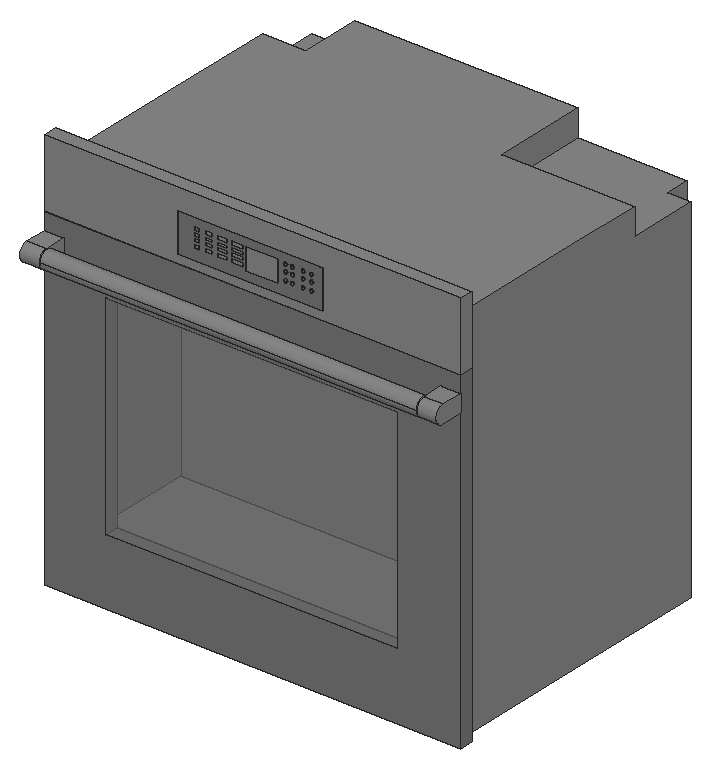
Revit family "DOB30M977S_Revit", category Specialty Equipment, Revit 2014
Parameters (values of type "DOB30M977S")
  Width = 29 3/4"
  WI FI = "YES"
  VOLTS (V) = "240 / 208"
  Unit = Stainless Steel
  TEMPERATURE PROBE = "YES"
  Support = Plastic-Black
  STEAM HEATER = "500W"
  STANDARD RACK = "1 (UPPER) / 1 (LOWER)"
  SABBATH MODE = "YES"
  RACK POSITIONS = "6"
  PROOF (LOWER TEMP) = "YES"
  PROOF = "YES"
  PIZZA STONE MODE = "YES"
  NET WEIGHT (LBS) = "139"
  Model = "DOB30M977S"
  Manufacturer = "Dacor"
  MESH FILTER = "4"
  LIMITED, PARTS AND LABOR = "1 YEAR"
  LIGHTING = "BRIGHTVUE™ - LED + HALOGEN"
  KITCHEN TIMER = "YES"
  KEEP WARM = "YES"
  INSTANTHEAT™ = "YES"
  Height = 51 1/2"
  Handle = Stainless Steel
  GOURMET COOK = "YES"
  GLIDERACK™ = "2 (UPPER) / 2 (LOWER)"
  FREQUENCY (HZ) = "60"
  ENERGY SOURCE = "ELECTRIC"
  Door Glass = Glass
  Door = Plastic-Black
  Description = "30-INCH SINGLE WALL OVEN MODERNIST COLLECTION"
  Depth = 23 1/8"
  DELAY START = "YES"
  DEHYDRATE = "YES"
  COOKING MODES = "BAKE - BROIL - CONVECTION BAKE - CONVECTION ROAST - CONVECTION BROIL - FOUR PART PURE CONVECTION - PURE CONVECTION SEAR - STEAM BAKE - STEAM ROAST"
  COOKIE SHEETS (SET OF 3) = "SKU - ACSM303"
  CONVECTION TYPE = "FOUR PART DUAL PURE CONVECTION WITH MESH FILTER"
  CONVECTION ELEMENT = "1,300W (EACH - 2,600W TOTAL)"
  CONTROLS = "7” TFT LCD"
  CLEANING TYPE = "SELF CLEAN & GREENCLEAN"
  CIRCUIT BREAKER (A) = "50"
  CHILD LOCK = "YES"
  BROIL = "4,400W - 10 PASS"
  BAKE ELEMENT = "3,000W - 8 PASS"
  AUTOMATIC WATER RESERVOIR = "1 (UPPER)"
  AUTO CONVERSION = "YES"
Reference planes (in)
  plane 1 "Center (Front/Back)": y = 0
  plane 2: z = 0
  plane 3 "Center (Left/Right)": x = 0
  plane 4: y = 11.5625
  plane 5: y = -11.5625
  plane 6: x = -14.25
  plane 7: x = 14.25
  plane 8: y = -13.4375
  plane 9: x = -14.875
  plane 10: x = 14.875
  plane 11: y = -12.8375
  plane 12: y = -13.7625
  plane 13: z = 28.8
  plane 14: z = 27.2
Forms (in)
  Extrusion 1, solid, material "Stainless Steel" <- "Unit"
    sketch origin (0, 0, 0) x (1, 0, 0) y (0, 0, 1)
      loop
        line (-14.25, 27.29849) -> (-14.25, 0) -> (14.25, 0) -> (14.25, 27.29849) -> (-14.25, 27.29849)
      loop
        line (-14.13947, 27.16604) -> (-14.13947, 2.29104) -> (14.11053, 2.29104) -> (14.11053, 27.16604) -> (-14.13947, 27.16604)
    from -11.5625 to 10.5625
  Extrusion 2, solid, material "Stainless Steel" <- "Unit"
    sketch origin (0, 11.5625, 0) x (-1, 0, 0) y (0, 0, 1)
      loop
        line (-14.11053, 27.16604) -> (-14.11053, 2.29104) -> (14.13947, 2.29104) -> (14.13947, 27.16604) -> (-14.11053, 27.16604)
    from 0 to -0.58184
  Extrusion 3, solid, material "Plastic-Black" <- "Door"
    sketch origin (0, 0, -25.25) x (1, 0, 0) y (0, 0, 1)
      loop
        line (-14.875, 25.2264) -> (14.875, 25.2264) -> (14.875, 49.125) -> (-14.875, 49.125) -> (-14.875, 25.2264)
      loop
        line (-10.4795, 45.18436) -> (-10.4795, 29.98364) -> (10.35378, 29.98364) -> (10.35378, 45.18436) -> (-10.4795, 45.18436)
    from 10.5625 to 11.5625
  Extrusion 4, solid, material "Stainless Steel" <- "Unit"
    sketch origin (-2.5, -11.5625, -25.25) x (1, 0, 0) y (0, 0, 1)
      loop
        line (-1.6594, 51.95412) -> (-1.6594, 51.74689) -> (-1.32598, 51.74689) -> (-1.32598, 51.95412) -> (-1.6594, 51.95412)
      loop
        line (-0.87096, 51.95412) -> (-0.87096, 51.74689) -> (-0.43933, 51.74689) -> (-0.43933, 51.95412) -> (-0.87096, 51.95412)
      loop
        line (-1.6594, 51.53021) -> (-1.6594, 51.37659) -> (-1.32598, 51.37659) -> (-1.32598, 51.53021) -> (-1.6594, 51.53021)
      loop
        line (-0.87096, 51.53021) -> (-0.87096, 51.37659) -> (-0.43933, 51.37659) -> (-0.43933, 51.53021) -> (-0.87096, 51.53021)
      loop
        line (-1.65392, 51.20026) -> (-1.65392, 51.04664) -> (-1.3205, 51.04664) -> (-1.3205, 51.20026) -> (-1.65392, 51.20026)
      loop
        line (-0.86548, 51.20026) -> (-0.86548, 51.04664) -> (-0.43384, 51.04664) -> (-0.43384, 51.20026) -> (-0.86548, 51.20026)
      loop
        line (0.03732, 51.20026) -> (0.03732, 51.04664) -> (0.64099, 51.04664) -> (0.64099, 51.20026) -> (0.03732, 51.20026)
      loop
        line (0.03183, 51.53021) -> (0.03183, 51.37659) -> (0.63551, 51.37659) -> (0.63551, 51.53021) -> (0.03183, 51.53021)
      loop
        line (0.63551, 51.74689) -> (0.63551, 51.95412) -> (0.03183, 51.95412) -> (0.03183, 51.74689) -> (0.63551, 51.74689)
      loop
        line (-1.65392, 50.82073) -> (-1.65392, 50.6135) -> (-1.3205, 50.6135) -> (-1.3205, 50.82073) -> (-1.65392, 50.82073)
      loop
        line (-0.86548, 50.82073) -> (-0.86548, 50.6135) -> (-0.43384, 50.6135) -> (-0.43384, 50.82073) -> (-0.86548, 50.82073)
      loop
        line (0.03732, 50.82073) -> (0.03732, 50.6135) -> (0.64099, 50.6135) -> (0.64099, 50.82073) -> (0.03732, 50.82073)
      loop
        line (1.02381, 50.82073) -> (1.02381, 50.6135) -> (1.78945, 50.6135) -> (1.78945, 50.82073) -> (1.02381, 50.82073)
      loop
        line (1.02381, 51.20026) -> (1.02381, 51.04664) -> (1.78945, 51.04664) -> (1.78945, 51.20026) -> (1.02381, 51.20026)
      loop
        line (1.01833, 51.53021) -> (1.01833, 51.37659) -> (1.78396, 51.37659) -> (1.78396, 51.53021) -> (1.01833, 51.53021)
      loop
        line (1.01833, 51.95412) -> (1.01833, 51.74689) -> (1.78396, 51.74689) -> (1.78396, 51.95412) -> (1.01833, 51.95412)
      loop
        line (2.00772, 51.95412) -> (2.00772, 50.41236) -> (4.27232, 50.41236) -> (4.27232, 51.95412) -> (2.00772, 51.95412)
      loop
        circle (4.87127, 51.8375) r 0.11662
      loop
        circle (5.35, 51.8375) r 0.11662
      loop
        circle (6.10706, 51.8375) r 0.11662
      loop
        circle (6.72875, 51.8375) r 0.11662
      loop
        circle (6.72875, 51.34503) r 0.11662
      loop
        circle (6.10706, 51.34503) r 0.11662
      loop
        circle (5.35, 51.34503) r 0.11662
      loop
        circle (4.87127, 51.34503) r 0.11662
      loop
        circle (4.87127, 50.7734) r 0.11662
      loop
        circle (5.35, 50.7734) r 0.11662
      loop
        circle (6.10706, 50.7734) r 0.11662
      loop
        circle (6.72875, 50.7734) r 0.11662
    from 0 to -0.4545
  Extrusion 5, solid, material "Plastic-Black" <- "Support"
    sketch origin (0, 0, -25.25) x (1, 0, 0) y (0, 0, 1)
      loop
        line (-5.34891, 52.54849) -> (-5.34891, 49.79849) -> (5.02857, 49.79849) -> (5.02857, 52.54849) -> (-5.34891, 52.54849)
      loop
        line (-3.82598, 51.95412) -> (-4.1594, 51.95412) -> (-4.1594, 51.74689) -> (-3.82598, 51.74689) -> (-3.82598, 51.95412)
      loop
        line (-3.82598, 51.53021) -> (-4.1594, 51.53021) -> (-4.1594, 51.37659) -> (-3.82598, 51.37659) -> (-3.82598, 51.53021)
      loop
        line (-3.8205, 51.20026) -> (-4.15392, 51.20026) -> (-4.15392, 51.04664) -> (-3.8205, 51.04664) -> (-3.8205, 51.20026)
      loop
        line (-3.8205, 50.82073) -> (-4.15392, 50.82073) -> (-4.15392, 50.6135) -> (-3.8205, 50.6135) -> (-3.8205, 50.82073)
      loop
        line (-2.93933, 51.95412) -> (-3.37096, 51.95412) -> (-3.37096, 51.74689) -> (-2.93933, 51.74689) -> (-2.93933, 51.95412)
      loop
        line (-2.93933, 51.53021) -> (-3.37096, 51.53021) -> (-3.37096, 51.37659) -> (-2.93933, 51.37659) -> (-2.93933, 51.53021)
      loop
        line (-2.93384, 51.20026) -> (-3.36548, 51.20026) -> (-3.36548, 51.04664) -> (-2.93384, 51.04664) -> (-2.93384, 51.20026)
      loop
        line (-2.93384, 50.82073) -> (-3.36548, 50.82073) -> (-3.36548, 50.6135) -> (-2.93384, 50.6135) -> (-2.93384, 50.82073)
      loop
        line (-1.86449, 51.95412) -> (-2.46817, 51.95412) -> (-2.46817, 51.74689) -> (-1.86449, 51.74689) -> (-1.86449, 51.95412)
      loop
        line (-1.86449, 51.53021) -> (-2.46817, 51.53021) -> (-2.46817, 51.37659) -> (-1.86449, 51.37659) -> (-1.86449, 51.53021)
      loop
        line (-1.85901, 51.20026) -> (-2.46268, 51.20026) -> (-2.46268, 51.04664) -> (-1.85901, 51.04664) -> (-1.85901, 51.20026)
      loop
        line (-1.85901, 50.82073) -> (-2.46268, 50.82073) -> (-2.46268, 50.6135) -> (-1.85901, 50.6135) -> (-1.85901, 50.82073)
      loop
        line (-0.71604, 51.95412) -> (-1.48167, 51.95412) -> (-1.48167, 51.74689) -> (-0.71604, 51.74689) -> (-0.71604, 51.95412)
      loop
        line (-0.71604, 51.53021) -> (-1.48167, 51.53021) -> (-1.48167, 51.37659) -> (-0.71604, 51.37659) -> (-0.71604, 51.53021)
      loop
        line (-0.71055, 51.20026) -> (-1.47619, 51.20026) -> (-1.47619, 51.04664) -> (-0.71055, 51.04664) -> (-0.71055, 51.20026)
      loop
        line (-0.71055, 50.82073) -> (-1.47619, 50.82073) -> (-1.47619, 50.6135) -> (-0.71055, 50.6135) -> (-0.71055, 50.82073)
      loop
        line (1.77232, 51.95412) -> (-0.49228, 51.95412) -> (-0.49228, 50.41236) -> (1.77232, 50.41236) -> (1.77232, 51.95412)
      loop
        circle (2.37127, 51.8375) r 0.11662
      loop
        circle (2.85, 51.8375) r 0.11662
      loop
        circle (3.60706, 51.8375) r 0.11662
      loop
        circle (4.22875, 51.8375) r 0.11662
      loop
        circle (4.22875, 51.34503) r 0.11662
      loop
        circle (4.22875, 50.7734) r 0.11662
      loop
        circle (3.60706, 50.7734) r 0.11662
      loop
        circle (3.60706, 51.34503) r 0.11662
      loop
        circle (2.85, 51.34503) r 0.11662
      loop
        circle (2.37127, 51.34503) r 0.11662
      loop
        circle (2.37127, 50.7734) r 0.11662
      loop
        circle (2.85, 50.7734) r 0.11662
    from 10.5625 to 11.5625
  Extrusion 6, solid, material "Glass" <- "Door Glass"
    sketch origin (0, -11.5625, -25.25) x (1, 0, 0) y (0, 0, 1)
      loop
        line (-10.4795, 45.18436) -> (-10.4795, 29.98364) -> (10.35378, 29.98364) -> (10.35378, 45.18436) -> (-10.4795, 45.18436)
    from 0 to -1
  Extrusion 7, solid, material "Stainless Steel" <- "Handle"
    sketch origin (0, 0, -22.875) x (0, 1, 0) y (0, 0, 1)
      loop
        line (-11.5625, 45.57204) -> (-13.13198, 45.57204)
        arc (-13.13198, 45.57204) -> (-13.76319, 44.94083) -> (-13.13198, 44.30962) r 0.63121
        line (-13.13198, 44.30962) -> (-11.5625, 44.30962) -> (-11.5625, 45.57204)
    from 13.47663 to 14.875
  Extrusion 8, solid, material "Stainless Steel" <- "Handle"
    sketch origin (0, 0, -22.875) x (0, 1, 0) y (0, 0, -1)
      loop
        line (-11.5625, -45.57204) -> (-11.5625, -44.30962) -> (-13.13198, -44.30962)
        arc (-13.13198, -44.30962) -> (-13.76319, -44.94083) -> (-13.13198, -45.57204) r 0.63121
        line (-13.13198, -45.57204) -> (-11.5625, -45.57204)
    from 13.47663 to 14.875
  Extrusion 9, solid, material "Stainless Steel" <- "Unit"
    sketch origin (0, 0, 0) x (1, 0, 0) y (0, 1, 0)
      loop
        line (-14.25, 11.5625) -> (-14.25, -0.29809) -> (14.25, -0.29809) -> (14.25, 11.5625) -> (-14.25, 11.5625)
    from 0 to 27.29849
  Extrusion 10, void
    sketch origin (0, 0, 0) x (1, 0, 0) y (0, 1, 0)
      loop
        line (12.57929, 11.5625) -> (12.57929, 9.78409) -> (14.25, 9.78409) -> (14.25, 11.5625) -> (12.57929, 11.5625)
    from 0 to 28.8
  Extrusion 11, solid, material "Stainless Steel" <- "Unit"
    sketch origin (0, 0, -22.70313) x (1, 0, 0) y (0, 0, 1)
      loop
        line (-14.875, 51.5) -> (-14.875, 46.625) -> (14.875, 46.625) -> (14.875, 51.5) -> (-14.875, 51.5)
      loop
        line (5.02857, 49.98599) -> (-5.34891, 49.98599) -> (-5.34891, 47.23599) -> (5.02857, 47.23599) -> (5.02857, 49.98599)
    from 10.5625 to 11.5625
  Extrusion 12, solid, material "Stainless Steel" <- "Handle"
    sketch origin (0, 0, -25.25) x (0, 1, 0) y (0, 0, 1)
      loop
        circle (-13.13198, 47.31583) r 0.63121
    from -13.47663 to 13.47663
  Extrusion 13, void
    sketch origin (0, 0, 0) x (1, 0, 0) y (0, 1, 0)
      loop
        line (4.7774, 11.5625) -> (4.7774, 4.743) -> (14.25, 4.743) -> (14.25, 11.5625) -> (4.7774, 11.5625)
      loop
        line (-11.17425, 11.5625) -> (-14.25, 11.5625) -> (-14.25, 7.17393) -> (-11.17425, 7.17393) -> (-11.17425, 11.5625)
    from 27.29849 to 25.3635
Cuts and joins
  Extrusion 10, Extrusion 13 cuts Extrusion 1
  Extrusion 10, Extrusion 13 cuts Extrusion 2
  Extrusion 10, Extrusion 13 cuts Extrusion 9
  joined: Extrusion 1, Extrusion 2, Extrusion 9
Dimensions and locks (in)
  equal spacing: plane 6, plane 3 "Center (Left/Right)", plane 7
  equal spacing: plane 4, plane 1 "Center (Front/Back)", plane 5
  "Depth": plane 4 to plane 5
  plane 5 to plane 8 = 1 7/8"
  equal spacing: plane 9, plane 3 "Center (Left/Right)", plane 10
  "Width": plane 9 to plane 10
  plane 4 to plane 11 = 24.4"
  plane 12 to plane 5 = 2.2"
  plane 6 to plane 7 = 28 1/2"
  plane 13 to plane 2 = 28.8"
  plane 14 to plane 2 = 27.2"
  aligned and locked: level to plane 2
  aligned and locked: plane 4 to Extrusion 1
  aligned and locked: Extrusion 3 to plane 5
  aligned and locked: Extrusion 5 to Extrusion 3
  aligned and locked: Extrusion 5 to cut or joined group of Extrusion 1, Extrusion 2, Extrusion 9, Extrusion 10, Extrusion 13
  aligned and locked: plane 9 to Extrusion 3 sketch curve
  aligned and locked: cut or joined group of Extrusion 1, Extrusion 2, Extrusion 9, Extrusion 10, Extrusion 13 to cut or joined group of Extrusion 1, Extrusion 2, Extrusion 9, Extrusion 10, Extrusion 13
  aligned and locked: plane 13 to Extrusion 10
Automatic sketch dimensions
  Extrusion 1 sketch curve to level = 0"
  Extrusion 1 sketch curve to plane 6 = 0"
  Extrusion 1 sketch curve to plane 7 = 0"
  plane 6 to Extrusion 1 sketch curve = 0.11053"
  Extrusion 1 sketch curve to plane 7 = 0.13947"
  level to Extrusion 1 sketch curve = 2.29104"
  Extrusion 2 sketch curve to Extrusion 1 = 0"  (x3)
  Extrusion 1 to Extrusion 2 sketch curve = 0"
  Extrusion 3 sketch curve to plane 10 = 0"
  plane 6 to Extrusion 3 sketch curve = 3.7705"
  Extrusion 3 sketch curve to plane 7 = 3.89622"
  Extrusion 4 sketch curve to plane 3 "Center (Left/Right)" = 4.1594"
  Extrusion 4 sketch curve to Extrusion 4 sketch curve = 0"  (x38)
  Extrusion 4 sketch curve to Extrusion 4 sketch curve = 0.00548"  (x7)
  Extrusion 4 sketch curve to Extrusion 4 sketch curve = 0.33342"  (x2)
  Extrusion 4 sketch curve to Extrusion 4 sketch curve = 0.45502"  (x2)
  Extrusion 4 sketch curve to Extrusion 4 sketch curve = 0.43164"  (x2)
  Extrusion 4 sketch curve to Extrusion 4 sketch curve = 0.47116"
  Extrusion 4 sketch curve to Extrusion 4 sketch curve = 0.60367"
  Extrusion 4 sketch curve to Extrusion 4 sketch curve = 49/128"  (x3)
  Extrusion 4 sketch curve to plane 3 "Center (Left/Right)" = 0.71604"
  Extrusion 4 sketch curve to Extrusion 4 sketch curve = 0.22376"
  plane 3 "Center (Left/Right)" to Extrusion 4 sketch curve = 1.77232"
  Extrusion 4 sketch curve to Extrusion 4 sketch curve = 0.59895"  (x2)
  Extrusion 4 sketch curve to Extrusion 4 sketch curve = 0.47873"  (x3)
  Extrusion 4 sketch curve to Extrusion 4 sketch curve = 0.75706"  (x2)
  Extrusion 4 sketch curve to Extrusion 4 sketch curve = 0.62168"
  Extrusion 4 sketch curve to Extrusion 4 sketch curve = 0.20723"  (x8)
  Extrusion 4 sketch curve to Extrusion 4 sketch curve = 0.21668"  (x4)
  Extrusion 4 sketch curve to Extrusion 4 sketch curve = 0.15362"  (x8)
  Extrusion 4 sketch curve to Extrusion 4 sketch curve = 0.49247"  (x3)
  Extrusion 4 sketch curve to Extrusion 4 sketch curve = 0.17632"  (x4)
  Extrusion 4 sketch curve to Extrusion 4 sketch curve = 0.22591"  (x4)
  Extrusion 4 sketch curve to Extrusion 4 sketch curve = 0.57163"  (x2)
  Extrusion 4 sketch curve to Extrusion 4 sketch curve = 0.20114"
  Extrusion 4 sketch curve to Extrusion 4 sketch curve = 0.11662"  (x12)
  Extrusion 5 sketch curve to plane 3 "Center (Left/Right)" = 5.34891"
  Extrusion 5 sketch curve to Extrusion 5 sketch curve = 1.1895"
  Extrusion 5 sketch curve to Extrusion 5 sketch curve = 0"  (x40)
  Extrusion 5 sketch curve to Extrusion 5 sketch curve = 0.00548"  (x8)
  Extrusion 5 sketch curve to Extrusion 5 sketch curve = 0.33342"  (x2)
  Extrusion 5 sketch curve to Extrusion 5 sketch curve = 0.45502"
  Extrusion 5 sketch curve to Extrusion 5 sketch curve = 0.43164"
  Extrusion 5 sketch curve to Extrusion 5 sketch curve = 0.47116"
  Extrusion 5 sketch curve to Extrusion 5 sketch curve = 0.60367"
  Extrusion 5 sketch curve to Extrusion 5 sketch curve = 49/128"
  Extrusion 5 sketch curve to plane 3 "Center (Left/Right)" = 0.71604"
  Extrusion 5 sketch curve to Extrusion 5 sketch curve = 0.22376"
  plane 3 "Center (Left/Right)" to Extrusion 5 sketch curve = 1.77232"
  Extrusion 5 sketch curve to Extrusion 5 sketch curve = 0.59895"
  Extrusion 5 sketch curve to Extrusion 5 sketch curve = 0.47873"  (x3)
  Extrusion 5 sketch curve to Extrusion 5 sketch curve = 0.75706"  (x2)
  Extrusion 5 sketch curve to Extrusion 5 sketch curve = 0.62168"
  Extrusion 5 sketch curve to Extrusion 5 sketch curve = 0.79982"
  Extrusion 5 sketch curve to Extrusion 5 sketch curve = 0.20723"  (x8)
  Extrusion 5 sketch curve to Extrusion 5 sketch curve = 0.21668"  (x4)
  Extrusion 5 sketch curve to Extrusion 5 sketch curve = 0.15362"  (x8)
  Extrusion 5 sketch curve to Extrusion 5 sketch curve = 0.49247"  (x3)
  Extrusion 5 sketch curve to Extrusion 5 sketch curve = 0.17632"  (x4)
  Extrusion 5 sketch curve to Extrusion 5 sketch curve = 0.22591"  (x4)
  Extrusion 5 sketch curve to Extrusion 5 sketch curve = 0.57163"  (x2)
  Extrusion 5 sketch curve to Extrusion 5 sketch curve = 0.36104"
  Extrusion 5 sketch curve to Extrusion 5 sketch curve = 0.81501"
  Extrusion 5 sketch curve to Extrusion 5 sketch curve = 0.11662"  (x13)
  Extrusion 7 sketch curve to plane 5 = 0"
  Extrusion 7 sketch curve to plane 11 = 0.29448"
  Extrusion 7 sketch curve to Extrusion 7 sketch curve = 0.63121"
  Extrusion 8 sketch curve to plane 5 = 0"
  Extrusion 8 sketch curve to plane 11 = 0.29448"
  Extrusion 8 sketch curve to Extrusion 8 sketch curve = 0.63121"
  Extrusion 9 sketch curve to plane 6 = 0"
  Extrusion 9 sketch curve to plane 7 = 0"
  Extrusion 9 sketch curve to plane 4 = 0"
  plane 1 "Center (Front/Back)" to Extrusion 9 sketch curve = 0.29809"
  Extrusion 10 sketch curve to plane 4 = 0"
  Extrusion 10 sketch curve to plane 7 = 0"
  Extrusion 10 sketch curve to Extrusion 10 sketch curve = 1.67071"
  Extrusion 10 sketch curve to plane 4 = 1.77841"
  Extrusion 11 sketch curve to plane 9 = 0"
  Extrusion 11 sketch curve to plane 10 = 0"
  Extrusion 11 sketch curve to plane 3 "Center (Left/Right)" = 5.34891"
  plane 3 "Center (Left/Right)" to Extrusion 11 sketch curve = 5.02857"
  Extrusion 6 sketch curve to Extrusion 3 = 0"  (x3)
  Extrusion 3 to Extrusion 6 sketch curve = 0"
  Extrusion 4 sketch curve to Extrusion 4 sketch curve = 0.36104"
  Extrusion 5 sketch curve to Extrusion 5 sketch curve = 0.20114"  (x2)
  Extrusion 1 sketch curve to Extrusion 1 sketch curve = 24 7/8"
  Extrusion 1 sketch curve to Extrusion 1 sketch curve = 0.13245"
  Extrusion 3 sketch curve to level = 0.0236"
  level to Extrusion 3 sketch curve = 4.73364"
  Extrusion 3 sketch curve to Extrusion 3 sketch curve = 15.20072"
  Extrusion 3 sketch curve to Extrusion 3 sketch curve = 3.94064"
  level to Extrusion 4 sketch curve = 25.16236"
  level to Extrusion 5 sketch curve = 24.54849"
  Extrusion 5 sketch curve to Extrusion 5 sketch curve = 0.71099"
  level to Extrusion 7 sketch curve = 21.43462"
  level to Extrusion 8 sketch curve = 22.69704"
  level to Extrusion 11 sketch curve = 23 59/64"
  Extrusion 11 sketch curve to Extrusion 11 sketch curve = 0.61099"
  Extrusion 11 sketch curve to Extrusion 11 sketch curve = 2 3/4"
  Extrusion 11 sketch curve to Extrusion 11 sketch curve = 4 7/8"
  Extrusion 12 sketch curve to plane 11 = 0.29448"
  Extrusion 12 sketch curve to plane 14 = 5.13417"
  Extrusion 13 sketch curve to plane 4 = 0"  (x2)
  Extrusion 13 sketch curve to plane 6 = 0"
  Extrusion 13 sketch curve to plane 7 = 0"
  Extrusion 13 sketch curve to Extrusion 13 sketch curve = 3.07575"
  plane 3 "Center (Left/Right)" to Extrusion 13 sketch curve = 4.7774"
  Extrusion 13 sketch curve to plane 4 = 4.38857"
  Extrusion 13 sketch curve to plane 1 "Center (Front/Back)" = 4.743"
  radius of Extrusion 12 sketch curve = 0.63121"
